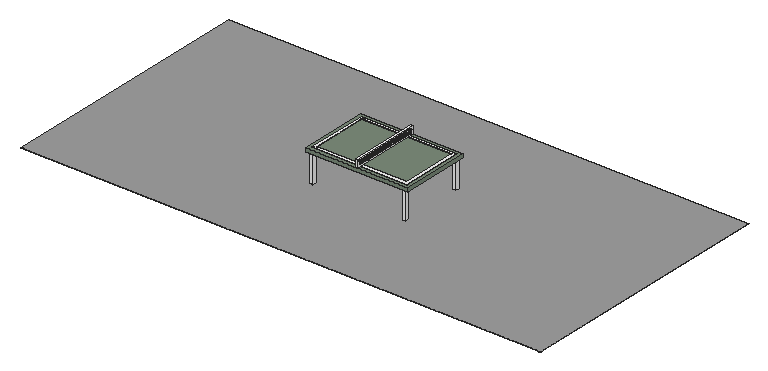
Revit family
Parameters (values of type "2750 x 1850 mm")
  Width of Court = 7000 mm
  Material of Table = Table Material
  Table Height = 750 mm
  Length of Court = 14000 mm
  Material of Frame = Frame Material
  Material of Court = Court Material
Reference planes
  plane 1 "Center (Front/Back)": y = 0
  plane 2: z = 0
  plane 3 "Center (Left/Right)": x = 0
  plane 4: z = 750
  plane 5: x = -7000
  plane 6: x = 7000
  plane 7: y = 3500
  plane 8: y = -3500
  plane 9: x = -1375
  plane 10: x = 1375
  plane 11: y = 925
  plane 12: y = -925
Forms (mm)
  Extrusion 1, solid, material "Court Material" <- "Material of Court"
    sketch origin (0, 0, 0) x (1, 0, 0) y (0, 1, 0)
      loop
        line (-7000, 3500) -> (-7000, -3500) -> (7000, -3500) -> (7000, 3500) -> (-7000, 3500)
    from 0 to 2
  Extrusion 2, solid, material "Frame Material" <- "Material of Frame"
    sketch origin (0, 0, 0) x (1, 0, 0) y (0, 1, 0)
      loop
        line (-1287.542, 885.131) -> (-1287.542, 805.131) -> (-1207.542, 805.131) -> (-1207.542, 885.131) -> (-1287.542, 885.131)
      loop
        line (1287.542, 885.131) -> (1207.542, 885.131) -> (1207.542, 805.131) -> (1287.542, 805.131) -> (1287.542, 885.131)
      loop
        line (1287.542, -885.131) -> (1287.542, -805.131) -> (1207.542, -805.131) -> (1207.542, -885.131) -> (1287.542, -885.131)
      loop
        line (-1287.542, -885.131) -> (-1207.542, -885.131) -> (-1207.542, -805.131) -> (-1287.542, -805.131) -> (-1287.542, -885.131)
    from 0 to 750
  Extrusion 3, solid, material "Table Material" <- "Material of Table"
    sketch origin (0, 0, 750) x (0, -1, 0) y (-1, 0, 0)
      loop
        line (-925, 1375) -> (-925, -1375) -> (925, -1375) -> (925, 1375) -> (-925, 1375)
    from 0 to -100
  Extrusion 4, solid, material "Frame Material" <- "Material of Frame"
    sketch origin (0, 0, 0) x (0, 1, 0) y (0, 0, 1)
      loop
        line (925, 850) -> (925, 1050) -> (-925, 1050) -> (-925, 850) -> (925, 850)
      loop
        line (900, 875) -> (900, 1025) -> (-900, 1025) -> (-900, 875) -> (900, 875)
    from -20 to 20
  Extrusion 5, solid, material "Frame Material" <- "Material of Frame"
    sketch origin (0, 0, 750) x (0, -1, 0) y (-1, 0, 0)
      loop
        line (-845.131, 1287.542) -> (-845.131, -1287.542) -> (845.131, -1287.542) -> (845.131, 1287.542) -> (-845.131, 1287.542)
      loop
        line (-770.131, 1212.542) -> (-770.131, -1212.542) -> (770.131, -1212.542) -> (770.131, 1212.542) -> (-770.131, 1212.542)
    from -100 to -102
  Extrusion 6, solid, material "Frame Material" <- "Material of Frame"
    sketch origin (0, 0, 0) x (0, 1, 0) y (0, 0, 1)
      loop
        line (900, 1025) -> (890, 1025) -> (772.807, 875) -> (782.807, 875) -> (900, 1025)
      loop
        line (780, 1025) -> (770, 1025) -> (652.807, 875) -> (662.807, 875) -> (780, 1025)
      loop
        line (660, 1025) -> (650, 1025) -> (532.807, 875) -> (542.807, 875) -> (660, 1025)
      loop
        line (540, 1025) -> (530, 1025) -> (412.807, 875) -> (422.807, 875) -> (540, 1025)
      loop
        line (420, 1025) -> (410, 1025) -> (292.807, 875) -> (302.807, 875) -> (420, 1025)
      loop
        line (300, 1025) -> (290, 1025) -> (172.807, 875) -> (182.807, 875) -> (300, 1025)
      loop
        line (180, 1025) -> (170, 1025) -> (52.807, 875) -> (62.807, 875) -> (180, 1025)
      loop
        line (60, 1025) -> (50, 1025) -> (-67.193, 875) -> (-57.193, 875) -> (60, 1025)
      loop
        line (-60, 1025) -> (-70, 1025) -> (-187.193, 875) -> (-177.193, 875) -> (-60, 1025)
      loop
        line (-180, 1025) -> (-190, 1025) -> (-307.193, 875) -> (-297.193, 875) -> (-180, 1025)
      loop
        line (-300, 1025) -> (-310, 1025) -> (-427.193, 875) -> (-417.193, 875) -> (-300, 1025)
      loop
        line (-420, 1025) -> (-430, 1025) -> (-547.193, 875) -> (-537.193, 875) -> (-420, 1025)
      loop
        line (-540, 1025) -> (-550, 1025) -> (-667.193, 875) -> (-657.193, 875) -> (-540, 1025)
      loop
        line (-660, 1025) -> (-670, 1025) -> (-787.193, 875) -> (-777.193, 875) -> (-660, 1025)
      loop
        line (-780, 1025) -> (-790, 1025) -> (-907.193, 875) -> (-897.193, 875) -> (-780, 1025)
    from -10 to 10
  Extrusion 7, solid, material "Frame Material" <- "Material of Frame"
    sketch origin (0, 0, 1900) x (0, 1, 0) y (0, 0, 1)
      loop
        line (900, -1025) -> (782.807, -875) -> (772.807, -875) -> (890, -1025) -> (900, -1025)
      loop
        line (780, -1025) -> (662.807, -875) -> (652.807, -875) -> (770, -1025) -> (780, -1025)
      loop
        line (660, -1025) -> (542.807, -875) -> (532.807, -875) -> (650, -1025) -> (660, -1025)
      loop
        line (540, -1025) -> (422.807, -875) -> (412.807, -875) -> (530, -1025) -> (540, -1025)
      loop
        line (420, -1025) -> (302.807, -875) -> (292.807, -875) -> (410, -1025) -> (420, -1025)
      loop
        line (300, -1025) -> (182.807, -875) -> (172.807, -875) -> (290, -1025) -> (300, -1025)
      loop
        line (180, -1025) -> (62.807, -875) -> (52.807, -875) -> (170, -1025) -> (180, -1025)
      loop
        line (60, -1025) -> (-57.193, -875) -> (-67.193, -875) -> (50, -1025) -> (60, -1025)
      loop
        line (-60, -1025) -> (-177.193, -875) -> (-187.193, -875) -> (-70, -1025) -> (-60, -1025)
      loop
        line (-180, -1025) -> (-297.193, -875) -> (-307.193, -875) -> (-190, -1025) -> (-180, -1025)
      loop
        line (-300, -1025) -> (-417.193, -875) -> (-427.193, -875) -> (-310, -1025) -> (-300, -1025)
      loop
        line (-420, -1025) -> (-537.193, -875) -> (-547.193, -875) -> (-430, -1025) -> (-420, -1025)
      loop
        line (-540, -1025) -> (-657.193, -875) -> (-667.193, -875) -> (-550, -1025) -> (-540, -1025)
      loop
        line (-660, -1025) -> (-777.193, -875) -> (-787.193, -875) -> (-670, -1025) -> (-660, -1025)
      loop
        line (-780, -1025) -> (-897.193, -875) -> (-907.193, -875) -> (-790, -1025) -> (-780, -1025)
    from -10 to 10
  Extrusion 8, solid, material "Frame Material" <- "Material of Frame"
    sketch origin (0, -50, 1900) x (0, 1, 0) y (0, 0, 1)
      loop
        line (900, -1025) -> (782.807, -875) -> (772.807, -875) -> (890, -1025) -> (900, -1025)
      loop
        line (780, -1025) -> (662.807, -875) -> (652.807, -875) -> (770, -1025) -> (780, -1025)
      loop
        line (660, -1025) -> (542.807, -875) -> (532.807, -875) -> (650, -1025) -> (660, -1025)
      loop
        line (540, -1025) -> (422.807, -875) -> (412.807, -875) -> (530, -1025) -> (540, -1025)
      loop
        line (420, -1025) -> (302.807, -875) -> (292.807, -875) -> (410, -1025) -> (420, -1025)
      loop
        line (300, -1025) -> (182.807, -875) -> (172.807, -875) -> (290, -1025) -> (300, -1025)
      loop
        line (180, -1025) -> (62.807, -875) -> (52.807, -875) -> (170, -1025) -> (180, -1025)
      loop
        line (60, -1025) -> (-57.193, -875) -> (-67.193, -875) -> (50, -1025) -> (60, -1025)
      loop
        line (-60, -1025) -> (-177.193, -875) -> (-187.193, -875) -> (-70, -1025) -> (-60, -1025)
      loop
        line (-180, -1025) -> (-297.193, -875) -> (-307.193, -875) -> (-190, -1025) -> (-180, -1025)
      loop
        line (-300, -1025) -> (-417.193, -875) -> (-427.193, -875) -> (-310, -1025) -> (-300, -1025)
      loop
        line (-420, -1025) -> (-537.193, -875) -> (-547.193, -875) -> (-430, -1025) -> (-420, -1025)
      loop
        line (-540, -1025) -> (-657.193, -875) -> (-667.193, -875) -> (-550, -1025) -> (-540, -1025)
      loop
        line (-660, -1025) -> (-777.193, -875) -> (-787.193, -875) -> (-670, -1025) -> (-660, -1025)
      loop
        line (950, -935.404) -> (902.807, -875) -> (892.807, -875) -> (950, -948.204) -> (950, -935.404)
      loop
        line (-780, -1025) -> (-850, -935.404) -> (-850, -948.204) -> (-790, -1025) -> (-780, -1025)
    from -10 to 10
  Extrusion 9, solid, material "Frame Material" <- "Material of Frame"
    sketch origin (0, -60, 0) x (0, 1, 0) y (0, 0, 1)
      loop
        line (900, 1025) -> (890, 1025) -> (772.807, 875) -> (782.807, 875) -> (900, 1025)
      loop
        line (780, 1025) -> (770, 1025) -> (652.807, 875) -> (662.807, 875) -> (780, 1025)
      loop
        line (660, 1025) -> (650, 1025) -> (532.807, 875) -> (542.807, 875) -> (660, 1025)
      loop
        line (540, 1025) -> (530, 1025) -> (412.807, 875) -> (422.807, 875) -> (540, 1025)
      loop
        line (420, 1025) -> (410, 1025) -> (292.807, 875) -> (302.807, 875) -> (420, 1025)
      loop
        line (300, 1025) -> (290, 1025) -> (172.807, 875) -> (182.807, 875) -> (300, 1025)
      loop
        line (180, 1025) -> (170, 1025) -> (52.807, 875) -> (62.807, 875) -> (180, 1025)
      loop
        line (60, 1025) -> (50, 1025) -> (-67.193, 875) -> (-57.193, 875) -> (60, 1025)
      loop
        line (-60, 1025) -> (-70, 1025) -> (-187.193, 875) -> (-177.193, 875) -> (-60, 1025)
      loop
        line (-180, 1025) -> (-190, 1025) -> (-307.193, 875) -> (-297.193, 875) -> (-180, 1025)
      loop
        line (-300, 1025) -> (-310, 1025) -> (-427.193, 875) -> (-417.193, 875) -> (-300, 1025)
      loop
        line (-420, 1025) -> (-430, 1025) -> (-547.193, 875) -> (-537.193, 875) -> (-420, 1025)
      loop
        line (-540, 1025) -> (-550, 1025) -> (-667.193, 875) -> (-657.193, 875) -> (-540, 1025)
      loop
        line (-660, 1025) -> (-670, 1025) -> (-787.193, 875) -> (-777.193, 875) -> (-660, 1025)
      loop
        line (-780, 1025) -> (-790, 1025) -> (-840, 961.003) -> (-840, 948.204) -> (-780, 1025)
      loop
        line (960, 948.204) -> (960, 961.003) -> (892.807, 875) -> (902.807, 875) -> (960, 948.204)
    from -10 to 10
Lines and regions (mm)
  symbolic lines
    curve 1: line (-7000, -3500, 0) -> (7000, -3500, 0)
    curve 2: line (-7000, 3500, 0) -> (-7000, -3500, 0)
    curve 3: line (7000, 3500, 0) -> (-7000, 3500, 0)
    curve 4: line (7000, -3500, 0) -> (7000, 3500, 0)
Dimensions and locks
  "Table Height": plane 4 to level
  plane 5 to plane 6 = 14000 mm
  plane 8 to plane 7 = 7000 mm
  plane 9 to plane 10 = 2750 mm
  plane 12 to plane 11 = 1850 mm
  aligned and locked: plane 4 to Extrusion 2
  aligned and locked: Extrusion 4 sketch curve to Extrusion 3  (x2)
  aligned and locked: Extrusion 3 to Extrusion 4 sketch curve
  aligned and locked: Extrusion 5 sketch curve to Extrusion 2  (x2)
  aligned and locked: Extrusion 4 to Extrusion 6 sketch curve  (x2)
  aligned and locked: Extrusion 4 to Extrusion 8 sketch curve
  aligned and locked: Extrusion 8 sketch curve to Extrusion 4
  aligned and locked: Extrusion 8 to Extrusion 9 sketch curve
  aligned and locked: Extrusion 4 to Extrusion 9 sketch curve
  aligned and locked: plane 5 to Extrusion 1
  aligned and locked: Extrusion 1 to plane 6
  aligned and locked: plane 7 to Extrusion 1
  aligned and locked: Extrusion 1 to plane 8
Automatic sketch dimensions
  plane 1 "Center (Front/Back)" to Extrusion 1 sketch curve = 3500 mm
  Extrusion 1 sketch curve to plane 3 "Center (Left/Right)" = 7000 mm
  plane 3 "Center (Left/Right)" to Extrusion 1 sketch curve = 7000 mm
  Extrusion 1 sketch curve to plane 1 "Center (Front/Back)" = 3500 mm
  Extrusion 2 sketch curve to plane 3 "Center (Left/Right)" = 1287.542 mm  (x2)
  Extrusion 2 sketch curve to Extrusion 2 sketch curve = 80 mm  (x8)
  plane 3 "Center (Left/Right)" to Extrusion 2 sketch curve = 1207.542 mm  (x2)
  plane 1 "Center (Front/Back)" to Extrusion 2 sketch curve = 885.131 mm  (x2)
  Extrusion 2 sketch curve to plane 1 "Center (Front/Back)" = 805.131 mm  (x2)
  Extrusion 3 sketch curve to plane 1 "Center (Front/Back)" = 925 mm
  plane 1 "Center (Front/Back)" to Extrusion 3 sketch curve = 925 mm
  Extrusion 3 sketch curve to plane 3 "Center (Left/Right)" = 1375 mm
  plane 3 "Center (Left/Right)" to Extrusion 3 sketch curve = 1375 mm
  Extrusion 4 sketch curve to Extrusion 4 sketch curve = 25 mm  (x4)
  Extrusion 4 sketch curve to Extrusion 4 sketch curve = 150 mm
  Extrusion 5 sketch curve to plane 1 "Center (Front/Back)" = 845.131 mm
  plane 1 "Center (Front/Back)" to Extrusion 5 sketch curve = 845.131 mm
  Extrusion 5 sketch curve to Extrusion 5 sketch curve = 75 mm  (x4)
  Extrusion 6 sketch curve to Extrusion 6 sketch curve = 10 mm  (x30)
  Extrusion 6 sketch curve to Extrusion 6 sketch curve = 107.193 mm
  Extrusion 6 sketch curve to plane 4 = 275 mm  (x4)
  Extrusion 6 sketch curve to Extrusion 6 sketch curve = 110 mm  (x24)
  Extrusion 6 sketch curve to plane 4 = 125 mm  (x8)
  Extrusion 6 sketch curve to plane 1 "Center (Front/Back)" = 62.807 mm
  Extrusion 6 sketch curve to plane 1 "Center (Front/Back)" = 60 mm
  plane 1 "Center (Front/Back)" to Extrusion 6 sketch curve = 57.193 mm
  plane 1 "Center (Front/Back)" to Extrusion 6 sketch curve = 60 mm
  Extrusion 6 sketch curve to Extrusion 6 sketch curve = 0 mm  (x15)
  Extrusion 6 sketch curve to Extrusion 6 sketch curve = 150 mm  (x2)
  Extrusion 7 sketch curve to plane 4 = 275 mm  (x5)
  plane 1 "Center (Front/Back)" to Extrusion 7 sketch curve = 907.193 mm
  Extrusion 7 sketch curve to Extrusion 7 sketch curve = 10 mm  (x30)
  Extrusion 7 sketch curve to Extrusion 7 sketch curve = 107.193 mm
  Extrusion 7 sketch curve to Extrusion 7 sketch curve = 110 mm  (x24)
  Extrusion 7 sketch curve to plane 4 = 125 mm  (x8)
  plane 1 "Center (Front/Back)" to Extrusion 7 sketch curve = 70 mm
  plane 1 "Center (Front/Back)" to Extrusion 7 sketch curve = 67.193 mm
  Extrusion 7 sketch curve to plane 1 "Center (Front/Back)" = 50 mm
  Extrusion 7 sketch curve to plane 1 "Center (Front/Back)" = 52.807 mm
  Extrusion 7 sketch curve to Extrusion 7 sketch curve = 0 mm  (x16)
  Extrusion 7 sketch curve to Extrusion 7 sketch curve = 150 mm
  Extrusion 8 sketch curve to plane 1 "Center (Front/Back)" = 0 mm
  plane 1 "Center (Front/Back)" to Extrusion 8 sketch curve = 107.193 mm
  Extrusion 8 sketch curve to Extrusion 8 sketch curve = 110 mm  (x24)
  Extrusion 8 sketch curve to Extrusion 8 sketch curve = 10 mm  (x29)
  Extrusion 8 sketch curve to plane 4 = 125 mm  (x9)
  Extrusion 8 sketch curve to plane 4 = 275 mm  (x5)
  Extrusion 8 sketch curve to Extrusion 8 sketch curve = 62.807 mm
  Extrusion 8 sketch curve to plane 1 "Center (Front/Back)" = 2.807 mm
  Extrusion 8 sketch curve to plane 1 "Center (Front/Back)" = 10 mm
  Extrusion 8 sketch curve to Extrusion 8 sketch curve = 60 mm
  Extrusion 8 sketch curve to Extrusion 8 sketch curve = 57.193 mm
  Extrusion 8 sketch curve to Extrusion 8 sketch curve = 0 mm  (x14)
  Extrusion 8 sketch curve to Extrusion 8 sketch curve = 12.799 mm  (x2)
  Extrusion 8 sketch curve to Extrusion 8 sketch curve = 76.796 mm
  Extrusion 8 sketch curve to Extrusion 8 sketch curve = 150 mm
  Extrusion 8 sketch curve to Extrusion 8 sketch curve = 60.404 mm
  Extrusion 8 sketch curve to Extrusion 8 sketch curve = 73.204 mm
  Extrusion 9 sketch curve to plane 1 "Center (Front/Back)" = 0 mm
  Extrusion 9 sketch curve to Extrusion 9 sketch curve = 50 mm
  Extrusion 9 sketch curve to plane 4 = 125 mm  (x10)
  Extrusion 9 sketch curve to Extrusion 9 sketch curve = 52.807 mm
  Extrusion 9 sketch curve to Extrusion 9 sketch curve = 10 mm  (x29)
  Extrusion 9 sketch curve to Extrusion 9 sketch curve = 110 mm  (x24)
  Extrusion 9 sketch curve to plane 4 = 275 mm  (x4)
  plane 1 "Center (Front/Back)" to Extrusion 9 sketch curve = 7.193 mm
  Extrusion 9 sketch curve to plane 1 "Center (Front/Back)" = 2.807 mm
  Extrusion 9 sketch curve to plane 1 "Center (Front/Back)" = 110 mm
  Extrusion 9 sketch curve to Extrusion 9 sketch curve = 57.193 mm
  Extrusion 9 sketch curve to Extrusion 9 sketch curve = 0 mm  (x14)
  Extrusion 9 sketch curve to Extrusion 9 sketch curve = 12.799 mm  (x2)
  Extrusion 9 sketch curve to Extrusion 9 sketch curve = 73.204 mm  (x2)
  Extrusion 9 sketch curve to Extrusion 9 sketch curve = 150 mm
  Extrusion 9 sketch curve to Extrusion 9 sketch curve = 63.997 mm
  curve 2 to plane 5 = 0 mm
  curve 3 to plane 6 = 0 mm
  curve 1 to plane 8 = 0 mm
  curve 3 to plane 7 = 0 mm
